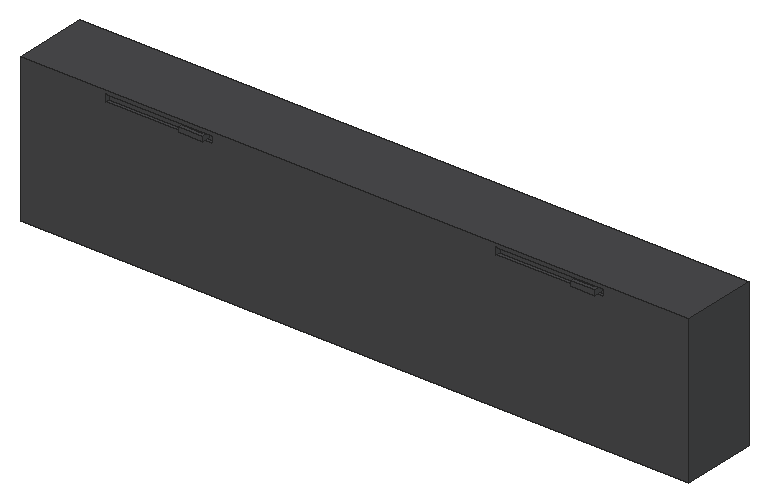
Revit family "DOT BLOCK CEILLING 328_DTSM15W3.1.36", category Luminarias, Revit 2019
Family settings
  Cota de conector redondo = Diámetro de uso
  Tipo de pieza = Normal
  Se basa en plano de trabajo = Sí
  Siempre vertical = Sí
  Corte con vacíos al cargar = No
  Origen de luz = Sí
  Compartido = No
  Punto de cálculo de habitación = No
Parameters (values of type "DOT BLOCK SURFACE 328_DM15W3.3.36")
  Ángulo de inclinación = 60.00°
  Zone [instance] = ""
  Watt per fixture = 15
  Wattage = 15 W
  built-in parameter 1150107 = 3000 (stored number, unit not read)
  built-in parameter 1150110 = 1 (stored number, unit not read)
  built-in parameter 1150109 = 1 (stored number, unit not read)
  built-in parameter 1150112 = 1 (stored number, unit not read)
  built-in parameter 1150113 = 1 (stored number, unit not read)
  built-in parameter 1114218 = 1 (stored number, unit not read)
  Keynote = ""
  built-in parameter 1150137 = (empty or 0)
  built-in parameter 1150132 = (empty or 0)
  Modelo = "DM15W3.3.36"
  Lámpara = "3030SMD PHILIPS"
  built-in parameter 1150105 = 6294.1 (stored number, unit not read)
  built-in parameter 1150102 = (empty or 0)
  built-in parameter 1150106 = 62.941 (stored number, unit not read)
  Lumens = 1290 lm
  Color Filter = 16777215
  built-in parameter 1114217 = 1 (stored number, unit not read)
  built-in parameter 1150139 = (empty or 0)
  Fabricante = "BRILLANT"
  Default Elevation = 1219.2 mm
  built-in parameter 1150104 = 7.9897 (stored number, unit not read)
  Descripción = "LUMINARIA DOWNLIGHT EN FORMATO RECTANGULAR PARA EMPOTRAR DIRECTO EN PLAFON, CUERPO DE ALUMINIO ACABADO EN COLOR NEGRO, IP 20, PESO 0.84Kg, TIPO DE LED 3030SMD PHILIPS CON 15W TOTAL, 1300 LUMENES, 86LM/W, IRC 90, TEMPERATURA EN BLANCO CALIDO 3000K, 50 MIL HORAS DE VIDA PROMEDIO, APERTURA DE 36 GRADOS POR PROYECTO, ALIMENTADO A 90-240V"
  built-in parameter 1150115 = 1 (stored number, unit not read)
  built-in parameter 1150114 = 1 (stored number, unit not read)
  Comentarios de vataje = "90-240V"
  built-in parameter 1150138 = (empty or 0)
  built-in parameter 1150134 = (empty or 0)
  Circuit [instance] = ""
  Dimming Lamp Color Temperature Shift = (empty or 0)
  Archivo de red fotométrica = "L328A-15W-830-B-36_IESNA95.IES"
  built-in parameter 1150133 = 10 (stored number, unit not read)
Reference planes
  plane 1 "Centro (Frontal/Posterior)": y = 0
  plane 2: z = 0
  plane 3 "Centro (Izquierda/Derecha)": x = 0
Forms (mm)
  Extrusion 1, solid, material "Default Form", not visible
    sketch origin (0, 0, 0) x (1, 0, 0) y (0, 0, 1)
      loop
        line (-473, 0) -> (-473, -72) -> (473, -72) -> (473, 0) -> (-473, 0)
    from -18.326 to 18.326
  Blend 2, void, not visible
    base sketch origin (-293.63, 0, 0) x (1, 0, 0) y (0, 1, 0)
      loop
        line (-162, 16.149) -> (-162, -16.149) -> (-144.14, -16.149) -> (-144.14, 16.149) -> (-162, 16.149)
    top sketch origin (-293.63, 0, 0) x (1, 0, 0) y (0, 1, 0)
      loop
        line (-160, 12.149) -> (-160, -12.149) -> (-146.14, -12.149) -> (-146.14, 12.149) -> (-160, 12.149)
    from -72 to -61.591
  Blend 3, void, not visible
    base sketch origin (-267.33, 0, 0) x (1, 0, 0) y (0, 1, 0)
      loop
        line (-162, 16.149) -> (-162, -16.149) -> (-144.14, -16.149) -> (-144.14, 16.149) -> (-162, 16.149)
    top sketch origin (-267.33, 0, 0) x (1, 0, 0) y (0, 1, 0)
      loop
        line (-160, 12.149) -> (-160, -12.149) -> (-146.14, -12.149) -> (-146.14, 12.149) -> (-160, 12.149)
    from -72 to -61.591
  Blend 4, void, not visible
    base sketch origin (-241.03, 0, 0) x (1, 0, 0) y (0, 1, 0)
      loop
        line (-162, 16.149) -> (-162, -16.149) -> (-144.14, -16.149) -> (-144.14, 16.149) -> (-162, 16.149)
    top sketch origin (-241.03, 0, 0) x (1, 0, 0) y (0, 1, 0)
      loop
        line (-160, 12.149) -> (-160, -12.149) -> (-146.14, -12.149) -> (-146.14, 12.149) -> (-160, 12.149)
    from -72 to -61.591
  Blend 5, void, not visible
    base sketch origin (-214.73, 0, 0) x (1, 0, 0) y (0, 1, 0)
      loop
        line (-162, 16.149) -> (-162, -16.149) -> (-144.14, -16.149) -> (-144.14, 16.149) -> (-162, 16.149)
    top sketch origin (-214.73, 0, 0) x (1, 0, 0) y (0, 1, 0)
      loop
        line (-160, 12.149) -> (-160, -12.149) -> (-146.14, -12.149) -> (-146.14, 12.149) -> (-160, 12.149)
    from -72 to -61.591
  Blend 6, void, not visible
    base sketch origin (-188.43, 0, 0) x (1, 0, 0) y (0, 1, 0)
      loop
        line (-162, 16.149) -> (-162, -16.149) -> (-144.14, -16.149) -> (-144.14, 16.149) -> (-162, 16.149)
    top sketch origin (-188.43, 0, 0) x (1, 0, 0) y (0, 1, 0)
      loop
        line (-160, 12.149) -> (-160, -12.149) -> (-146.14, -12.149) -> (-146.14, 12.149) -> (-160, 12.149)
    from -72 to -61.591
  Blend 7, void, not visible
    base sketch origin (-162.13, 0, 0) x (1, 0, 0) y (0, 1, 0)
      loop
        line (-162, 16.149) -> (-162, -16.149) -> (-144.14, -16.149) -> (-144.14, 16.149) -> (-162, 16.149)
    top sketch origin (-162.13, 0, 0) x (1, 0, 0) y (0, 1, 0)
      loop
        line (-160, 12.149) -> (-160, -12.149) -> (-146.14, -12.149) -> (-146.14, 12.149) -> (-160, 12.149)
    from -72 to -61.591
  Blend 8, void, not visible
    base sketch origin (-135.83, 0, 0) x (1, 0, 0) y (0, 1, 0)
      loop
        line (-162, 16.149) -> (-162, -16.149) -> (-144.14, -16.149) -> (-144.14, 16.149) -> (-162, 16.149)
    top sketch origin (-135.83, 0, 0) x (1, 0, 0) y (0, 1, 0)
      loop
        line (-160, 12.149) -> (-160, -12.149) -> (-146.14, -12.149) -> (-146.14, 12.149) -> (-160, 12.149)
    from -72 to -61.591
  Blend 9, void, not visible
    base sketch origin (-109.53, 0, 0) x (1, 0, 0) y (0, 1, 0)
      loop
        line (-162, 16.149) -> (-162, -16.149) -> (-144.14, -16.149) -> (-144.14, 16.149) -> (-162, 16.149)
    top sketch origin (-109.53, 0, 0) x (1, 0, 0) y (0, 1, 0)
      loop
        line (-160, 12.149) -> (-160, -12.149) -> (-146.14, -12.149) -> (-146.14, 12.149) -> (-160, 12.149)
    from -72 to -61.591
  Blend 10, void, not visible
    base sketch origin (-83.23, 0, 0) x (1, 0, 0) y (0, 1, 0)
      loop
        line (-162, 16.149) -> (-162, -16.149) -> (-144.14, -16.149) -> (-144.14, 16.149) -> (-162, 16.149)
    top sketch origin (-83.23, 0, 0) x (1, 0, 0) y (0, 1, 0)
      loop
        line (-160, 12.149) -> (-160, -12.149) -> (-146.14, -12.149) -> (-146.14, 12.149) -> (-160, 12.149)
    from -72 to -61.591
  Blend 11, void, not visible
    base sketch origin (-56.93, 0, 0) x (1, 0, 0) y (0, 1, 0)
      loop
        line (-162, 16.149) -> (-162, -16.149) -> (-144.14, -16.149) -> (-144.14, 16.149) -> (-162, 16.149)
    top sketch origin (-56.93, 0, 0) x (1, 0, 0) y (0, 1, 0)
      loop
        line (-160, 12.149) -> (-160, -12.149) -> (-146.14, -12.149) -> (-146.14, 12.149) -> (-160, 12.149)
    from -72 to -61.591
  Blend 12, void, not visible
    base sketch origin (-30.63, 0, 0) x (1, 0, 0) y (0, 1, 0)
      loop
        line (-162, 16.149) -> (-162, -16.149) -> (-144.14, -16.149) -> (-144.14, 16.149) -> (-162, 16.149)
    top sketch origin (-30.63, 0, 0) x (1, 0, 0) y (0, 1, 0)
      loop
        line (-160, 12.149) -> (-160, -12.149) -> (-146.14, -12.149) -> (-146.14, 12.149) -> (-160, 12.149)
    from -72 to -61.591
  Blend 13, void, not visible
    base sketch origin (-4.33, 0, 0) x (1, 0, 0) y (0, 1, 0)
      loop
        line (-162, 16.149) -> (-162, -16.149) -> (-144.14, -16.149) -> (-144.14, 16.149) -> (-162, 16.149)
    top sketch origin (-4.33, 0, 0) x (1, 0, 0) y (0, 1, 0)
      loop
        line (-160, 12.149) -> (-160, -12.149) -> (-146.14, -12.149) -> (-146.14, 12.149) -> (-160, 12.149)
    from -72 to -61.591
  Blend 14, void, not visible
    base sketch origin (21.97, 0, 0) x (1, 0, 0) y (0, 1, 0)
      loop
        line (-162, 16.149) -> (-162, -16.149) -> (-144.14, -16.149) -> (-144.14, 16.149) -> (-162, 16.149)
    top sketch origin (21.97, 0, 0) x (1, 0, 0) y (0, 1, 0)
      loop
        line (-160, 12.149) -> (-160, -12.149) -> (-146.14, -12.149) -> (-146.14, 12.149) -> (-160, 12.149)
    from -72 to -61.591
  Blend 15, void, not visible
    base sketch origin (48.27, 0, 0) x (1, 0, 0) y (0, 1, 0)
      loop
        line (-162, 16.149) -> (-162, -16.149) -> (-144.14, -16.149) -> (-144.14, 16.149) -> (-162, 16.149)
    top sketch origin (48.27, 0, 0) x (1, 0, 0) y (0, 1, 0)
      loop
        line (-160, 12.149) -> (-160, -12.149) -> (-146.14, -12.149) -> (-146.14, 12.149) -> (-160, 12.149)
    from -72 to -61.591
  Blend 16, void, not visible
    base sketch origin (74.57, 0, 0) x (1, 0, 0) y (0, 1, 0)
      loop
        line (-162, 16.149) -> (-162, -16.149) -> (-144.14, -16.149) -> (-144.14, 16.149) -> (-162, 16.149)
    top sketch origin (74.57, 0, 0) x (1, 0, 0) y (0, 1, 0)
      loop
        line (-160, 12.149) -> (-160, -12.149) -> (-146.14, -12.149) -> (-146.14, 12.149) -> (-160, 12.149)
    from -72 to -61.591
  Blend 17, void, not visible
    base sketch origin (100.87, 0, 0) x (1, 0, 0) y (0, 1, 0)
      loop
        line (-162, 16.149) -> (-162, -16.149) -> (-144.14, -16.149) -> (-144.14, 16.149) -> (-162, 16.149)
    top sketch origin (100.87, 0, 0) x (1, 0, 0) y (0, 1, 0)
      loop
        line (-160, 12.149) -> (-160, -12.149) -> (-146.14, -12.149) -> (-146.14, 12.149) -> (-160, 12.149)
    from -72 to -61.591
  Blend 18, void, not visible
    base sketch origin (127.17, 0, 0) x (1, 0, 0) y (0, 1, 0)
      loop
        line (-162, 16.149) -> (-162, -16.149) -> (-144.14, -16.149) -> (-144.14, 16.149) -> (-162, 16.149)
    top sketch origin (127.17, 0, 0) x (1, 0, 0) y (0, 1, 0)
      loop
        line (-160, 12.149) -> (-160, -12.149) -> (-146.14, -12.149) -> (-146.14, 12.149) -> (-160, 12.149)
    from -72 to -61.591
  Blend 19, void, not visible
    base sketch origin (153.47, 0, 0) x (1, 0, 0) y (0, 1, 0)
      loop
        line (-162, 16.149) -> (-162, -16.149) -> (-144.14, -16.149) -> (-144.14, 16.149) -> (-162, 16.149)
    top sketch origin (153.47, 0, 0) x (1, 0, 0) y (0, 1, 0)
      loop
        line (-160, 12.149) -> (-160, -12.149) -> (-146.14, -12.149) -> (-146.14, 12.149) -> (-160, 12.149)
    from -72 to -61.591
  Blend 20, void, not visible
    base sketch origin (179.77, 0, 0) x (1, 0, 0) y (0, 1, 0)
      loop
        line (-162, 16.149) -> (-162, -16.149) -> (-144.14, -16.149) -> (-144.14, 16.149) -> (-162, 16.149)
    top sketch origin (179.77, 0, 0) x (1, 0, 0) y (0, 1, 0)
      loop
        line (-160, 12.149) -> (-160, -12.149) -> (-146.14, -12.149) -> (-146.14, 12.149) -> (-160, 12.149)
    from -72 to -61.591
  Blend 21, void, not visible
    base sketch origin (206.07, 0, 0) x (1, 0, 0) y (0, 1, 0)
      loop
        line (-162, 16.149) -> (-162, -16.149) -> (-144.14, -16.149) -> (-144.14, 16.149) -> (-162, 16.149)
    top sketch origin (206.07, 0, 0) x (1, 0, 0) y (0, 1, 0)
      loop
        line (-160, 12.149) -> (-160, -12.149) -> (-146.14, -12.149) -> (-146.14, 12.149) -> (-160, 12.149)
    from -72 to -61.591
  Blend 22, void, not visible
    base sketch origin (232.37, 0, 0) x (1, 0, 0) y (0, 1, 0)
      loop
        line (-162, 16.149) -> (-162, -16.149) -> (-144.14, -16.149) -> (-144.14, 16.149) -> (-162, 16.149)
    top sketch origin (232.37, 0, 0) x (1, 0, 0) y (0, 1, 0)
      loop
        line (-160, 12.149) -> (-160, -12.149) -> (-146.14, -12.149) -> (-146.14, 12.149) -> (-160, 12.149)
    from -72 to -61.591
  Blend 23, void, not visible
    base sketch origin (258.67, 0, 0) x (1, 0, 0) y (0, 1, 0)
      loop
        line (-162, 16.149) -> (-162, -16.149) -> (-144.14, -16.149) -> (-144.14, 16.149) -> (-162, 16.149)
    top sketch origin (258.67, 0, 0) x (1, 0, 0) y (0, 1, 0)
      loop
        line (-160, 12.149) -> (-160, -12.149) -> (-146.14, -12.149) -> (-146.14, 12.149) -> (-160, 12.149)
    from -72 to -61.591
  Blend 24, void, not visible
    base sketch origin (284.97, 0, 0) x (1, 0, 0) y (0, 1, 0)
      loop
        line (-162, 16.149) -> (-162, -16.149) -> (-144.14, -16.149) -> (-144.14, 16.149) -> (-162, 16.149)
    top sketch origin (284.97, 0, 0) x (1, 0, 0) y (0, 1, 0)
      loop
        line (-160, 12.149) -> (-160, -12.149) -> (-146.14, -12.149) -> (-146.14, 12.149) -> (-160, 12.149)
    from -72 to -61.591
  Blend 25, void, not visible
    base sketch origin (311.27, 0, 0) x (1, 0, 0) y (0, 1, 0)
      loop
        line (-162, 16.149) -> (-162, -16.149) -> (-144.14, -16.149) -> (-144.14, 16.149) -> (-162, 16.149)
    top sketch origin (311.27, 0, 0) x (1, 0, 0) y (0, 1, 0)
      loop
        line (-160, 12.149) -> (-160, -12.149) -> (-146.14, -12.149) -> (-146.14, 12.149) -> (-160, 12.149)
    from -72 to -61.591
  Blend 26, void, not visible
    base sketch origin (337.57, 0, 0) x (1, 0, 0) y (0, 1, 0)
      loop
        line (-162, 16.149) -> (-162, -16.149) -> (-144.14, -16.149) -> (-144.14, 16.149) -> (-162, 16.149)
    top sketch origin (337.57, 0, 0) x (1, 0, 0) y (0, 1, 0)
      loop
        line (-160, 12.149) -> (-160, -12.149) -> (-146.14, -12.149) -> (-146.14, 12.149) -> (-160, 12.149)
    from -72 to -61.591
  Blend 27, void, not visible
    base sketch origin (363.87, 0, 0) x (1, 0, 0) y (0, 1, 0)
      loop
        line (-162, 16.149) -> (-162, -16.149) -> (-144.14, -16.149) -> (-144.14, 16.149) -> (-162, 16.149)
    top sketch origin (363.87, 0, 0) x (1, 0, 0) y (0, 1, 0)
      loop
        line (-160, 12.149) -> (-160, -12.149) -> (-146.14, -12.149) -> (-146.14, 12.149) -> (-160, 12.149)
    from -72 to -61.591
  Blend 28, void, not visible
    base sketch origin (390.17, 0, 0) x (1, 0, 0) y (0, 1, 0)
      loop
        line (-162, 16.149) -> (-162, -16.149) -> (-144.14, -16.149) -> (-144.14, 16.149) -> (-162, 16.149)
    top sketch origin (390.17, 0, 0) x (1, 0, 0) y (0, 1, 0)
      loop
        line (-160, 12.149) -> (-160, -12.149) -> (-146.14, -12.149) -> (-146.14, 12.149) -> (-160, 12.149)
    from -72 to -61.591
  Blend 29, void, not visible
    base sketch origin (416.47, 0, 0) x (1, 0, 0) y (0, 1, 0)
      loop
        line (-162, 16.149) -> (-162, -16.149) -> (-144.14, -16.149) -> (-144.14, 16.149) -> (-162, 16.149)
    top sketch origin (416.47, 0, 0) x (1, 0, 0) y (0, 1, 0)
      loop
        line (-160, 12.149) -> (-160, -12.149) -> (-146.14, -12.149) -> (-146.14, 12.149) -> (-160, 12.149)
    from -72 to -61.591
  Blend 30, void, not visible
    base sketch origin (442.77, 0, 0) x (1, 0, 0) y (0, 1, 0)
      loop
        line (-162, 16.149) -> (-162, -16.149) -> (-144.14, -16.149) -> (-144.14, 16.149) -> (-162, 16.149)
    top sketch origin (442.77, 0, 0) x (1, 0, 0) y (0, 1, 0)
      loop
        line (-160, 12.149) -> (-160, -12.149) -> (-146.14, -12.149) -> (-146.14, 12.149) -> (-160, 12.149)
    from -72 to -61.591
  Blend 31, void, not visible
    base sketch origin (469.07, 0, 0) x (1, 0, 0) y (0, 1, 0)
      loop
        line (-162, 16.149) -> (-162, -16.149) -> (-144.14, -16.149) -> (-144.14, 16.149) -> (-162, 16.149)
    top sketch origin (469.07, 0, 0) x (1, 0, 0) y (0, 1, 0)
      loop
        line (-160, 12.149) -> (-160, -12.149) -> (-146.14, -12.149) -> (-146.14, 12.149) -> (-160, 12.149)
    from -72 to -61.591
  Blend 32, void, not visible
    base sketch origin (495.37, 0, 0) x (1, 0, 0) y (0, 1, 0)
      loop
        line (-162, 16.149) -> (-162, -16.149) -> (-144.14, -16.149) -> (-144.14, 16.149) -> (-162, 16.149)
    top sketch origin (495.37, 0, 0) x (1, 0, 0) y (0, 1, 0)
      loop
        line (-160, 12.149) -> (-160, -12.149) -> (-146.14, -12.149) -> (-146.14, 12.149) -> (-160, 12.149)
    from -72 to -61.591
  Blend 33, void, not visible
    base sketch origin (521.67, 0, 0) x (1, 0, 0) y (0, 1, 0)
      loop
        line (-162, 16.149) -> (-162, -16.149) -> (-144.14, -16.149) -> (-144.14, 16.149) -> (-162, 16.149)
    top sketch origin (521.67, 0, 0) x (1, 0, 0) y (0, 1, 0)
      loop
        line (-160, 12.149) -> (-160, -12.149) -> (-146.14, -12.149) -> (-146.14, 12.149) -> (-160, 12.149)
    from -72 to -61.591
  Blend 34, void, not visible
    base sketch origin (547.97, 0, 0) x (1, 0, 0) y (0, 1, 0)
      loop
        line (-162, 16.149) -> (-162, -16.149) -> (-144.14, -16.149) -> (-144.14, 16.149) -> (-162, 16.149)
    top sketch origin (547.97, 0, 0) x (1, 0, 0) y (0, 1, 0)
      loop
        line (-160, 12.149) -> (-160, -12.149) -> (-146.14, -12.149) -> (-146.14, 12.149) -> (-160, 12.149)
    from -72 to -61.591
  Blend 35, void, not visible
    base sketch origin (574.27, 0, 0) x (1, 0, 0) y (0, 1, 0)
      loop
        line (-162, 16.149) -> (-162, -16.149) -> (-144.14, -16.149) -> (-144.14, 16.149) -> (-162, 16.149)
    top sketch origin (574.27, 0, 0) x (1, 0, 0) y (0, 1, 0)
      loop
        line (-160, 12.149) -> (-160, -12.149) -> (-146.14, -12.149) -> (-146.14, 12.149) -> (-160, 12.149)
    from -72 to -61.591
  Blend 36, void, not visible
    base sketch origin (600.57, 0, 0) x (1, 0, 0) y (0, 1, 0)
      loop
        line (-162, 16.149) -> (-162, -16.149) -> (-144.14, -16.149) -> (-144.14, 16.149) -> (-162, 16.149)
    top sketch origin (600.57, 0, 0) x (1, 0, 0) y (0, 1, 0)
      loop
        line (-160, 12.149) -> (-160, -12.149) -> (-146.14, -12.149) -> (-146.14, 12.149) -> (-160, 12.149)
    from -72 to -61.591
  Extrusion 37, solid, not visible
    sketch origin (-463.861, 0, 3.217) x (0, -1, 0) y (0, 0, -1)
      loop
        line (18.326, 3.217) -> (-18.326, 3.217) -> (-18.326, 73.917) -> (-32.183, 73.917) -> (-32.183, 72.617) -> (-19.626, 72.617) -> (-19.626, 1.917) -> (19.626, 1.917) -> (19.626, 72.617) -> (32.183, 72.617) -> (32.183, 73.917) -> (18.326, 73.917) -> (18.326, 3.217)
    from 89.098 to 128.24
  Extrusion 38, solid, not visible
    sketch origin (-246.523, 0, 3.217) x (0, -1, 0) y (0, 0, 1)
      loop
        line (-19.626, -1.917) -> (19.626, -1.917) -> (19.626, -63.89) -> (20.426, -63.89) -> (20.426, -1.117) -> (-20.426, -1.117) -> (-20.426, -63.89) -> (-19.626, -63.89) -> (-19.626, -1.917)
    from 122.954 to 124.098
  Extrusion 39, solid, not visible
    sketch origin (-463.861, 0, 3.217) x (0, -1, 0) y (0, 0, -1)
      loop
        line (-19.626, 1.917) -> (-19.626, 63.89) -> (-20.426, 63.89) -> (-20.426, 1.117) -> (20.426, 1.117) -> (20.426, 63.89) -> (19.626, 63.89) -> (19.626, 1.917) -> (-19.626, 1.917)
    from 122.954 to 124.098
  Extrusion 40, void, not visible
    sketch origin (0, 0, 0) x (1, 0, 0) y (0, 1, 0)
      loop
        circle (-363.799, -25.904) r 2.055
      loop
        circle (-346.585, -25.904) r 2.055
      loop
        circle (-363.799, 25.904) r 2.055
      loop
        circle (-346.585, 25.904) r 2.055
    from -70.7 to -69.4
  Blend 41, void
    base sketch origin (74.57, 130.851, 72) x (1, 0, 0) y (0, 1, 0)
      loop
        line (-162, -147) -> (-144.14, -147) -> (-144.14, -114.702) -> (-162, -114.702) -> (-162, -147)
    top sketch origin (74.57, 130.851, 72) x (1, 0, 0) y (0, 1, 0)
      loop
        line (-160, -143) -> (-146.14, -143) -> (-146.14, -118.702) -> (-160, -118.702) -> (-160, -143)
    from -72 to -61.591
  Blend 42, void
    base sketch origin (100.87, 130.851, 72) x (1, 0, 0) y (0, 1, 0)
      loop
        line (-162, -147) -> (-144.14, -147) -> (-144.14, -114.702) -> (-162, -114.702) -> (-162, -147)
    top sketch origin (100.87, 130.851, 72) x (1, 0, 0) y (0, 1, 0)
      loop
        line (-160, -143) -> (-146.14, -143) -> (-146.14, -118.702) -> (-160, -118.702) -> (-160, -143)
    from -72 to -61.591
  Blend 43, void
    base sketch origin (127.17, 130.851, 72) x (1, 0, 0) y (0, 1, 0)
      loop
        line (-162, -147) -> (-144.14, -147) -> (-144.14, -114.702) -> (-162, -114.702) -> (-162, -147)
    top sketch origin (127.17, 130.851, 72) x (1, 0, 0) y (0, 1, 0)
      loop
        line (-160, -143) -> (-146.14, -143) -> (-146.14, -118.702) -> (-160, -118.702) -> (-160, -143)
    from -72 to -61.591
  Blend 44, void
    base sketch origin (153.47, 130.851, 72) x (1, 0, 0) y (0, 1, 0)
      loop
        line (-162, -147) -> (-144.14, -147) -> (-144.14, -114.702) -> (-162, -114.702) -> (-162, -147)
    top sketch origin (153.47, 130.851, 72) x (1, 0, 0) y (0, 1, 0)
      loop
        line (-160, -143) -> (-146.14, -143) -> (-146.14, -118.702) -> (-160, -118.702) -> (-160, -143)
    from -72 to -61.591
  Blend 45, void
    base sketch origin (179.77, 130.851, 72) x (1, 0, 0) y (0, 1, 0)
      loop
        line (-162, -147) -> (-144.14, -147) -> (-144.14, -114.702) -> (-162, -114.702) -> (-162, -147)
    top sketch origin (179.77, 130.851, 72) x (1, 0, 0) y (0, 1, 0)
      loop
        line (-160, -143) -> (-146.14, -143) -> (-146.14, -118.702) -> (-160, -118.702) -> (-160, -143)
    from -72 to -61.591
  Blend 46, void
    base sketch origin (206.07, 130.851, 72) x (1, 0, 0) y (0, 1, 0)
      loop
        line (-162, -147) -> (-144.14, -147) -> (-144.14, -114.702) -> (-162, -114.702) -> (-162, -147)
    top sketch origin (206.07, 130.851, 72) x (1, 0, 0) y (0, 1, 0)
      loop
        line (-160, -143) -> (-146.14, -143) -> (-146.14, -118.702) -> (-160, -118.702) -> (-160, -143)
    from -72 to -61.591
  Blend 47, void
    base sketch origin (232.37, 130.851, 72) x (1, 0, 0) y (0, 1, 0)
      loop
        line (-162, -147) -> (-144.14, -147) -> (-144.14, -114.702) -> (-162, -114.702) -> (-162, -147)
    top sketch origin (232.37, 130.851, 72) x (1, 0, 0) y (0, 1, 0)
      loop
        line (-160, -143) -> (-146.14, -143) -> (-146.14, -118.702) -> (-160, -118.702) -> (-160, -143)
    from -72 to -61.591
  Extrusion 48, solid, material "Default Form"
    sketch origin (0, 0, 72) x (1, 0, 0) y (0, 0, -1)
      loop
        line (-164, 0) -> (164, 0) -> (164, 72) -> (-164, 72) -> (-164, 0)
    from -18.326 to 18.326
  Blend 49, void
    base sketch origin (258.67, 130.851, 72) x (1, 0, 0) y (0, 1, 0)
      loop
        line (-162, -147) -> (-144.14, -147) -> (-144.14, -114.702) -> (-162, -114.702) -> (-162, -147)
    top sketch origin (258.67, 130.851, 72) x (1, 0, 0) y (0, 1, 0)
      loop
        line (-160, -143) -> (-146.14, -143) -> (-146.14, -118.702) -> (-160, -118.702) -> (-160, -143)
    from -72 to -61.591
  Blend 50, void
    base sketch origin (284.97, 130.851, 72) x (1, 0, 0) y (0, 1, 0)
      loop
        line (-162, -147) -> (-144.14, -147) -> (-144.14, -114.702) -> (-162, -114.702) -> (-162, -147)
    top sketch origin (284.97, 130.851, 72) x (1, 0, 0) y (0, 1, 0)
      loop
        line (-160, -143) -> (-146.14, -143) -> (-146.14, -118.702) -> (-160, -118.702) -> (-160, -143)
    from -72 to -61.591
  Blend 51, void
    base sketch origin (21.97, 130.851, 72) x (1, 0, 0) y (0, 1, 0)
      loop
        line (-162, -147) -> (-144.14, -147) -> (-144.14, -114.702) -> (-162, -114.702) -> (-162, -147)
    top sketch origin (21.97, 130.851, 72) x (1, 0, 0) y (0, 1, 0)
      loop
        line (-160, -143) -> (-146.14, -143) -> (-146.14, -118.702) -> (-160, -118.702) -> (-160, -143)
    from -72 to -61.591
  Blend 52, void
    base sketch origin (48.27, 130.851, 72) x (1, 0, 0) y (0, 1, 0)
      loop
        line (-162, -147) -> (-144.14, -147) -> (-144.14, -114.702) -> (-162, -114.702) -> (-162, -147)
    top sketch origin (48.27, 130.851, 72) x (1, 0, 0) y (0, 1, 0)
      loop
        line (-160, -143) -> (-146.14, -143) -> (-146.14, -118.702) -> (-160, -118.702) -> (-160, -143)
    from -72 to -61.591
  Extrusion 53, void
    sketch origin (0, 0, 0) x (1, 0, 0) y (0, 1, 0)
      loop
        line (-122.17, -18.326) -> (-69.57, -18.326) -> (-69.57, -16.149) -> (-122.17, -16.149) -> (-122.17, -18.326)
      loop
        line (122.17, -18.326) -> (122.17, -16.149) -> (69.57, -16.149) -> (69.57, -18.326) -> (122.17, -18.326)
      loop
        line (-122.17, 18.326) -> (-122.17, 16.149) -> (-69.57, 16.149) -> (-69.57, 18.326) -> (-122.17, 18.326)
      loop
        line (122.17, 18.326) -> (69.57, 18.326) -> (69.57, 16.149) -> (122.17, 16.149) -> (122.17, 18.326)
    from 66.852 to 70.535
  Extrusion 54, solid, material "Default Form"
    sketch origin (0, 0, 0) x (1, 0, 0) y (0, 1, 0)
      loop
        line (-73.041, -16.149) -> (-74.374, -16.149) -> (-74.374, -18.326) -> (-84.875, -18.326) -> (-84.875, -20.238) -> (-73.041, -20.238) -> (-73.041, -16.149)
      loop
        line (119.435, -16.149) -> (118.101, -16.149) -> (118.101, -18.326) -> (107.601, -18.326) -> (107.601, -20.238) -> (119.435, -20.238) -> (119.435, -16.149)
      loop
        line (-73.041, 16.149) -> (-73.041, 20.238) -> (-84.875, 20.238) -> (-84.875, 18.326) -> (-74.374, 18.326) -> (-74.374, 16.149) -> (-73.041, 16.149)
      loop
        line (119.435, 16.149) -> (119.435, 20.238) -> (107.601, 20.238) -> (107.601, 18.326) -> (118.101, 18.326) -> (118.101, 16.149) -> (119.435, 16.149)
    from 67.466 to 69.773
Cuts and joins
  Blend 41, Blend 42, Blend 43, Blend 44, Blend 45, Blend 46, Blend 47, Blend 49, Blend 50, Blend 51, Blend 52, Extrusion 53 cuts Extrusion 48
Dimensions and locks
  cut or joined group 1 (Blend 41, Blend 42, Blend 43, Blend 44, Blend 45, Blend 46, Blend 47, Extrusion 48, Blend 49, Blend 50, Blend 51, Blend 52, Extrusion 53) to cut or joined group 1 = 72 mm  (x2)
  cut or joined group 1 to cut or joined group 1 = 36.651 mm
  cut or joined group 1 to cut or joined group 1 = 328 mm
  aligned and locked: level to plane 2
Connectors
  electrical at (0, 0, 72)
    settings: on cut or joined group 1, index 1, voltage 0 V, apparent load 0 VA, apparent load phase1 0 VA, apparent load phase2 0 VA, apparent load phase3 0 VA, power factor 1, load classification "Otro", number of poles 1, system type 31, power factor state 1, is connector primary yes, connector utility no, sub classification motor no, connector description ""
